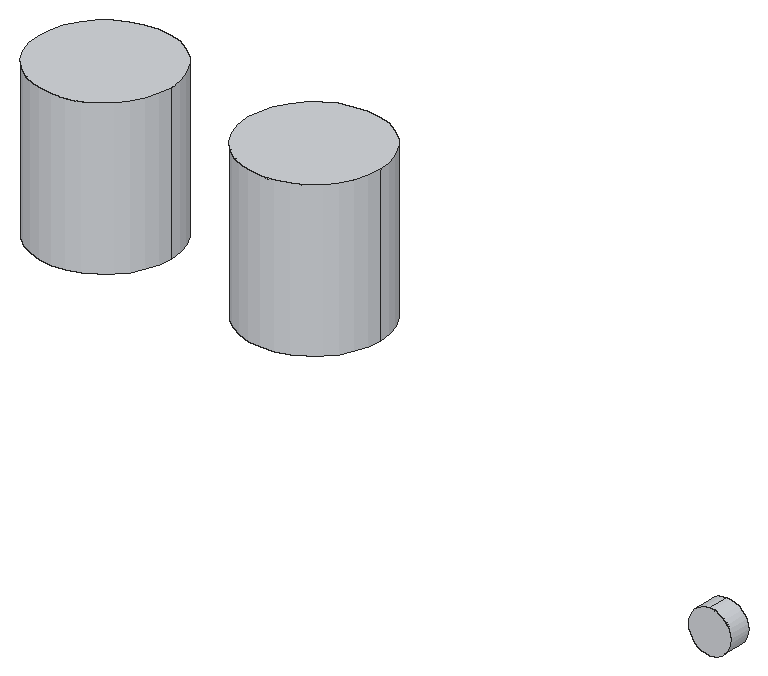
Revit family "MBH6_001_BIM", category HLS-Bauteile, Revit 2018
Family settings
  Bemaßung runder Anschluss = Durchmesser verwenden
  Klassifizierung = Keine
  Teiletyp = Normal
  OmniClass-Nummer = 23.65.35.11.14
  OmniClass-Titel = Instantaneous Water Heaters
  Arbeitsebenenbasiert = Nein
  Immer vertikal = Ja
  Beim Laden mit Abzugskörper schneiden = Nein
  Gemeinsam genutzt = Nein
  Raumberechnungspunkt = Nein
Parameters (values of type "Norm")
  Verbindung_2_Durchmesser = 0 mm
  Verbindung_1_Durchmesser = 0 mm
  URL = "https://www.clage.de/de/Produkte/E-Kleindurchlauferhitzer/MBH"
  Modell = "MBH"
  Hersteller = "Clage GmbH"
  Beschreibung = "E-Kleindurchlauferhitzer"
Reference planes
  plane 1 "Mitte (Vorne/Hinten)": y = 0
  plane 2: z = 0
  plane 3 "Mitte (Links/Rechts)": x = 0
Forms (mm)
  Extrusion 1, solid
    sketch origin (-15, -7.5, 86.997) x (1, 0, 0) y (0, 1, 0)
      loop
        circle (0, 0) r 9.525
    from 0 to -22.053
  Extrusion 2, solid
    sketch origin (15, -7.5, 86.997) x (1, 0, 0) y (0, 1, 0)
      loop
        circle (0, 0) r 9.525
    from 0 to -22.053
  Extrusion 3, solid
    sketch origin (63.017, 6.6, 36.189) x (0, 0, 1) y (1, 0, 0)
      loop
        circle (0, 0) r 3.048
    from 0 to -3.048
Dimensions and locks
  aligned and locked: level to plane 2
Connectors
  piping at (-15, -7.5, 86.997), diameter 9.5
    settings: on Extrusion 1, index 1, connector inside diameter 609.6 mm, connector length 0 mm, flow factor 0, pipe flow 3.3 L/s, pressure drop 114000.0 Pa, fitting loss kfactor 0, connector angle 0.00°, fixture units 0, engagement length 0 mm, angle of deflection 0.00°, flow configuration 1, flow direction 1, fitting loss method 4, system type 20, joint type 0, gender type 0, connector reference index -1, connector utility 0, adjustable connector no, is connector primary yes, connector description ""
  piping at (15, -7.5, 86.997), diameter 9.5
    settings: on Extrusion 2, index 2, connector inside diameter 609.6 mm, connector length 0 mm, flow factor 0, pipe flow 3.3 L/s, pressure drop 114000.0 Pa, fitting loss kfactor 0, connector angle 0.00°, fixture units 0, engagement length 0 mm, angle of deflection 0.00°, flow configuration 1, flow direction 2, fitting loss method 4, system type 19, joint type 0, gender type 0, connector reference index -1, connector utility 0, adjustable connector no, is connector primary no, connector description ""
  electrical at (63.017, 6.6, 36.189)
    settings: on Extrusion 3, index 3, voltage 230 V, apparent load 0 VA, apparent load phase1 0 VA, apparent load phase2 0 VA, apparent load phase3 0 VA, power factor 0, load classification "Sonstige", number of poles 1, system type 30, power factor state 1, is connector primary yes, connector utility no, sub classification motor no, connector description ""
